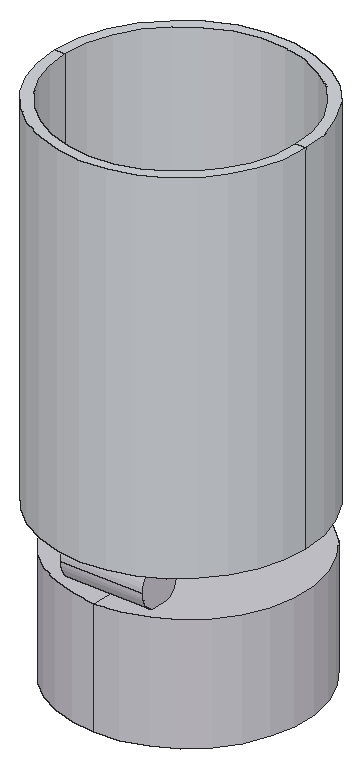
Revit family "Lighting-Surface-Lucifer-CY4", category Lighting Fixtures, host Face, Revit 2017
Family settings
  Host = Face
  Round Connector Dimension = Use Diameter
  Part Type = Normal
  Cut with Voids When Loaded = No
  Light Source = Yes
  Shared = No
  Room Calculation Point = No
Parameters
  Voltage = 0 V
  Rotation Angle [instance] = 90.00°
  Power Factor = 1
  Photometric Web File = "Load File"
  Number of Poles = 1
  Material = White Finish
  Light Source Angle [instance] = Rotation Angle  # 90.00°
  Lamp = "LED"
  Input Wattage = ""
  Wattage = 26 W
  built-in parameter 1150110 = 1 (stored number, unit not read)
  URL = "https://www.luciferlighting.com/"
  built-in parameter 1114217 = 1 (stored number, unit not read)
  Tilt Angle = 90.00°
  built-in parameter 1150109 = 1 (stored number, unit not read)
  built-in parameter 1150134 = 12
  built-in parameter 1150113 = 1 (stored number, unit not read)
  Model = "CY4"
  Manufacturer = "Lucifer Lighting"
  built-in parameter 1150105 = 206.9 (stored number, unit not read)
  Lumens = 2600 lm
  built-in parameter 1150115 = 1 (stored number, unit not read)
  built-in parameter 1150137 = (empty or 0)
  built-in parameter 1150139 = (empty or 0)
  built-in parameter 1150112 = 1 (stored number, unit not read)
  built-in parameter 1150114 = 1 (stored number, unit not read)
  Keynote = ""
  built-in parameter 1150132 = (empty or 0)
  built-in parameter 1150102 = (empty or 0)
  built-in parameter 1150107 = 4000 (stored number, unit not read)
  built-in parameter 1150138 = (empty or 0)
  built-in parameter 1150106 = 2.069 (stored number, unit not read)
  Finish = ""
  Emit from Circle Diameter = 3"
  Emit Shape Visible in Rendering = yes
  built-in parameter 1150104 = 9.2903 (stored number, unit not read)
  Dimming Lamp Color Temperature Shift = (empty or 0)
  Description = "Accent Lighting"
  Default Elevation = 48"
  Color Filter = 16777215
  built-in parameter 1114218 = 1 (stored number, unit not read)
  built-in parameter 1150133 = 10 (stored number, unit not read)
  Assembly Code = ""
  Apparent Load = 0 VA
Reference planes (in)
  plane 1 "Center (Front/Back)": y = 1.97868
  plane 2: z = 0
  plane 3 "Center (Left/Right)": x = 1.10964
  plane 4: z = 4.16021
  plane 5: x = -2.39036
  plane 6: x = 4.60964
Forms (in)
  Revolve 1, solid, material "White Finish"
    sketch origin (1.10964, 0, 0) x (0, -1, 0) y (0, 0, 1)
      loop
        line (-1.97868, 0) -> (-1.97868, 2.25) -> (-4.27262, 2.25) -> (-4.27262, 0) -> (-1.97868, 0)
      axis (-1.97868, 0) -> (-1.97868, 2.25)
    angle from 0 to 360
  Extrusion 2, solid, material "White Finish"
    sketch origin (1.10964, -3.15206, -0.01781) x (0, -1, 0) y (0, 0, 1)
      loop
        circle (-3.44069, 2.62865) r 0.41469
    from -0.79673 to 0.79792
Dimensions and locks (in)
  equal spacing: plane 6, plane 3 "Center (Left/Right)", plane 5
  plane 6 to plane 5 = 7"
  "Rotation Angle": angle plane 4 to imposter light
  "Rotation Angle": angle plane 4 to nested 1
  aligned and locked: plane 2 to host face
  aligned and locked: level to host face
  aligned: plane 1 "Center (Front/Back)" to imposter light
  aligned and locked: Revolve 1 sketch curve to plane 1 "Center (Front/Back)"
  aligned and locked: imposter light to nested 1
Automatic sketch dimensions
  host sketch curve to host sketch curve = 63.79349"
  host sketch curve to host sketch curve = 77.01905"
  Revolve 1 sketch curve to level = 0"
  plane 1 "Center (Front/Back)" to Revolve 1 sketch curve = 2.29394"
  Revolve 1 sketch curve to plane 4 = 1.91021"
  Extrusion 2 sketch curve to plane 1 "Center (Front/Back)" = 1.69004"
  Extrusion 2 sketch curve to plane 4 = 1.54937"
  radius of Extrusion 2 sketch curve = 0.41469"
Nested families (in)
  nested 1: "Track Head" at (-0.09727, 1.90802, 6.54958) x (0, -1, 0) z (-1, 0, 0), type "Track Head"
Connectors (in)
  electrical at (1.02341, 2.96985, 2.1714), driven by "Number of Poles", driven by "Voltage", driven by "Apparent Load", driven by "Power Factor"
    settings: on nested 1, index 1, voltage 0 V, apparent load 0 VA, apparent load phase1 0 VA, apparent load phase2 0 VA, apparent load phase3 0 VA, power factor 1, load classification "Other", number of poles 1, system type 31, power factor state 1, is connector primary yes, connector utility no, sub classification motor no, connector description "Power"
Definition of nested family "Track Head"
  Parameters (values of type "Track Head")
    Width = 7"
    Raduis = 2 115/256"
    Material = none
    Default Elevation = 48"
    Assembly Code = ""
  Reference planes (in)
    plane 1 "Center (Front/Back)": y = 0
    plane 2: z = 0
    plane 3 "Center (Left/Right)": x = 0
    plane 4: z = -1.12068
    plane 5: z = -1.12068
    plane 6: y = 3.5
    plane 7: y = -3.5
    plane 8: z = 3.25
  Forms (in)
    Extrusion 1, solid
      sketch origin (0, 0, 0) x (1, 0, 0) y (0, 1, 0)
        loop
          line (-48, 48) -> (-48, -48) -> (48, -48) -> (48, 48) -> (-48, 48)
      from 0 to -0.80444
    Revolve 2, solid, material <- "Material"
      sketch origin (0, 0, -3.75) x (0, 1, 0) y (0, 0, 1)
        loop
          line (-3.5, 5.07853) -> (-3.5, 2.62932) -> (3.5, 2.62932) -> (3.5, 5.07853) -> (-3.5, 5.07853)
        axis (-3.5, 2.62932) -> (3.5, 2.62932)
      angle from 0 to 360
    Revolve 3, void
      sketch origin (0, 0, -3.75) x (0, 1, 0) y (0, 0, 1)
        loop
          line (3.5, 2.62932) -> (3.5, 4.87932) -> (0, 4.87932) -> (0, 2.62932) -> (3.5, 2.62932)
        axis (0, 2.62932) -> (3.5, 2.62932)
      angle from 0 to 360
  Cuts and joins
    Revolve 3 cuts Revolve 2
  Dimensions and locks (in)
    equal spacing: plane 6, plane 1 "Center (Front/Back)", plane 7
    "Width": plane 6 to plane 7
    "Raduis": Revolve 2 sketch curve to Revolve 2 sketch curve
    radius of cut or joined group of Revolve 2, Revolve 3 = 2 115/256"
    aligned and locked: plane 2 to Extrusion 1
    aligned and locked: level to Extrusion 1
    aligned and locked: Revolve 2 sketch curve to plane 4
    aligned and locked: Revolve 3 sketch curve to plane 5
    aligned and locked: plane 7 to Revolve 2 sketch curve
    aligned and locked: Revolve 2 sketch curve to plane 6
    aligned and locked: cut or joined group of Revolve 2, Revolve 3 to cut or joined group of Revolve 2, Revolve 3
    aligned and locked: plane 1 "Center (Front/Back)" to cut or joined group of Revolve 2, Revolve 3
  Automatic sketch dimensions
    Extrusion 1 sketch curve to Extrusion 1 sketch curve = 96"  (x2)
    Revolve 3 sketch curve to plane 1 "Center (Front/Back)" = 0"
    Revolve 3 sketch curve to plane 5 = 0"
    Revolve 3 sketch curve to plane 6 = 0"
    level to Revolve 3 sketch curve = 1.12932"
    plane 7 to Revolve 3 sketch curve = 0.4751"
    Revolve 3 sketch curve to plane 6 = 1.36838"
    Revolve 2 sketch curve to plane 4 = 0"
    Revolve 2 sketch curve to Revolve 2 sketch curve = 5.73878"
    Revolve 2 sketch curve to plane 6 = 7.02134"
